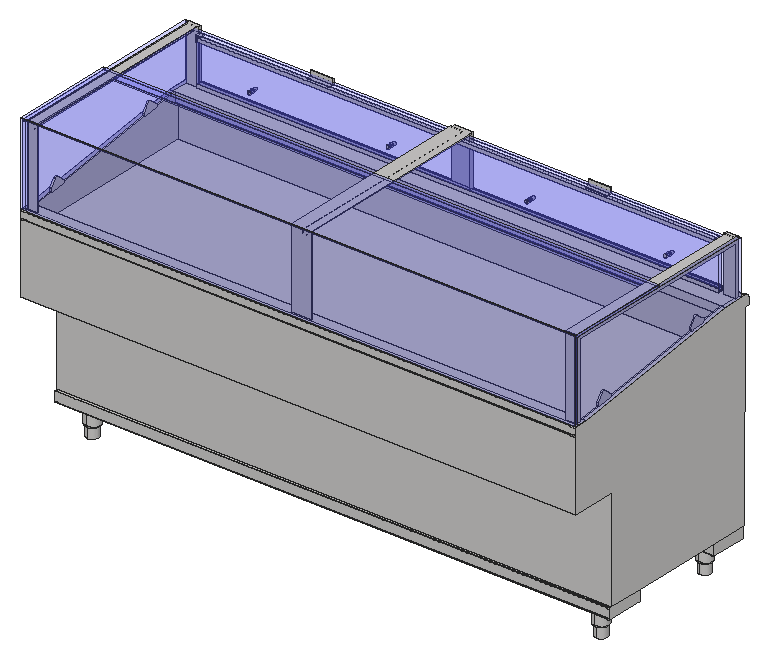
Revit family "Food-Service-Equipment_Oscartek_Rdpc2106_Standard_cat", category Specialty Equipment, Revit 2026
Family settings
  Round Connector Dimension = Use Diameter
  Part Type = Normal
  Classification Number = 23.40.40.11.17
  Work Plane-Based = No
  Enable Cutting in Views = No
  Always vertical = Yes
  Cut with Voids When Loaded = No
  Maintain Annotation Orientation = No
  Shared = No
  Room Calculation Point = No
Parameters
  Width = 83"  # constant formula
  Weight in Pounds = 379
  Watts = 885 W
  Waste Water Discharge Temperature [instance] = -459.67 °F
  Volts = 230 V
  URL Cutsheet = "www.oscartek.com"
  URL = "www.oscartek.com"
  Type Mark [instance] = ""
  Type Comments = "As Specified"
  Test Data = "http://www.oscartek.com/company/clients.php"
  Status [instance] = ""
  Specification by User [instance] = ""
  Specification by Manufacturer = ""
  Specification = "https://www.arcat.com/arcatcos/cos48/arc48760.html"
  Show Clearance [instance] = yes
  Serial Number = ""
  Seismic Rating = ""
  Sales Information = "http://www.oscartek.com/company/contact.php"
  SMACNA No = ""
  Revision Code [instance] = ""
  Revision = "R1_2018-10"
  Refrigerant Type [instance] = "R404A"
  Product Data = "http://www.oscartek.com/support/manuals/"
  Plumbing Remarks [instance] = ""
  Plumbing Connection Type [instance] = ""
  Phase = 1
  Omniclass Number and Title = ""
  Number of Poles [instance] = 1
  NAFEM Spec ID Number = ""
  Model = "RDPC2106"
  Min Ckt Ampacity = 0 A
  Max Overcurrent Protection = 0 A
  Masterspec = ""
  Manufacturer Website = "http://www.oscartek.com/index.php"
  Manufacturer Phone - Toll Free = "855-885-2400"
  Manufacturer Phone = "650-342-2400"
  Manufacturer Fax = "650-342-7400"
  Manufacturer Address = "361 Beach Rd., Burlingame, CA 94010"
  Manufacturer = "OSCARTEK"
  Item Number [instance] = ""
  Installed By [instance] = ""
  Installation-Fabrication = "http://www.oscartek.com/support/manuals/"
  Indirect Waste Size [instance] = 1"
  Indirect Waste Flow [instance] = 0 GPM
  Indirect Waste Connection Type [instance] = ""
  Indirect Waste Connection Height = 0"
  Identify Quantity as Lot [instance] = yes
  HP = ""
  Green Building-LEED = "https://www.arcat.com/green/green_building.shtml"
  Furnished By [instance] = ""
  Foodservice Equipment Identifier [instance] = yes
  FL Amps = 4.5 A
  Electrical Remarks [instance] = ""
  Electric Connection Type [instance] = ""
  Elec Conn RI Height [instance] = 0"
  Elec Conn Connection Height [instance] = 0"
  Drawn By = "Sumex Design, Inc. / Robert S. Weygant, CSI, CDT, SCIP"
  Description = "ROSA DELI/PASTRY/CHOCOLATE SHOWCASE"
  Depth [instance] = 32 1/4"  # constant formula
  Default Elevation = 0"
  Cycle = 50 Hz
  Copyright = "©Arcat Inc."
  Construction Details = "http://www.oscartek.com/support/manuals/"
  Conn Plug = ""
  Conn Conduit = yes
  Category = ""
  CSI MasterFormat = "11 41 13"
  CSI Master Format = "Refrigerated Food Storage Cases"
  Building Codes = "https://www.arcat.com/arcatcos/cos48/arc48760.html"
  Body Finish [instance] = QF_Finishes_Stainless Steel
  Apparent Power = if(Phase = 3, Volts * FL Amps * 1.73, Volts * FL Amps)  # 1035 VA
Reference planes (in)
  plane 1 "BACK": y = 7.29134
  plane 2: z = 0
  plane 3 "LEFT": x = 0
  plane 4 "RIGHT": x = 83
  plane 5 "FRONT": y = -24.95866
  plane 6 "TOP": z = 45.25
  plane 7 "Center Y": x = 41.5
  plane 8 "Center X": y = -8.83366
  plane 9 "Base Height": z = 6
  plane 10 "Right Off": x = 79.5
  plane 11: x = 0.5
  plane 12: x = 82.5
  plane 13 "Left Center": x = 20.75
  plane 14 "Right Center": x = 62.25
Forms (in)
  Revolve 1, solid, material "QF_Finishes_Stainless Steel"
    sketch origin (3.5, 0, 0) x (0, 1, 0) y (0, 0, 1)
      loop
        line (-15.81885, 0) -> (-14.95271, 0) -> (-14.95271, 1.57481) -> (-14.86603, 1.57481)
        arc (-14.86603, 1.57481) -> (-14.76029, 1.61861) -> (-14.71649, 1.72436) r 0.14954
        line (-14.71649, 1.72436) -> (-14.71649, 4.46851) -> (-15.81885, 4.46851) -> (-15.81885, 0)
      axis (-15.81885, 0) -> (-15.81885, 4.46851)
    angle from 0 to 360
  Revolve 2, solid, material "QF_Finishes_Stainless Steel"
    sketch origin (3.5, 19.37004, 0) x (0, 1, 0) y (0, 0, 1)
      loop
        line (-15.81885, 0) -> (-14.95271, 0) -> (-14.95271, 1.57481) -> (-14.86603, 1.57481)
        arc (-14.86603, 1.57481) -> (-14.76029, 1.61861) -> (-14.71649, 1.72436) r 0.14954
        line (-14.71649, 1.72436) -> (-14.71649, 4.46851) -> (-15.81885, 4.46851) -> (-15.81885, 0)
      axis (-15.81885, 0) -> (-15.81885, 4.46851)
    angle from 0 to 360
  Extrusion 3, solid, material "QF_Finishes_Stainless Steel" <- "Body Finish"
    sketch origin (0, 0, 0) x (0, 1, 0) y (0, 0, 1)
      loop
        line (-18.51225, 4.46851) -> (-13.12545, 4.46851)
        arc (-13.12545, 4.46851) -> (-13.08126, 4.48681) -> (-13.06295, 4.53101) r 0.0625
        line (-13.06295, 4.53101) -> (-13.06295, 5.9375)
        arc (-13.06295, 5.9375) -> (-13.08126, 5.98169) -> (-13.12545, 6) r 0.0625
        line (-13.12545, 6) -> (-18.51225, 6)
        arc (-18.51225, 6) -> (-18.55644, 5.98169) -> (-18.57475, 5.9375) r 0.0625
        line (-18.57475, 5.9375) -> (-18.57475, 4.53101)
        arc (-18.57475, 4.53101) -> (-18.55644, 4.48681) -> (-18.51225, 4.46851) r 0.0625
      loop
        line (0.85779, 4.46851) -> (6.24459, 4.46851)
        arc (6.24459, 4.46851) -> (6.28878, 4.48681) -> (6.30709, 4.53101) r 0.0625
        line (6.30709, 4.53101) -> (6.30709, 5.9375)
        arc (6.30709, 5.9375) -> (6.28878, 5.98169) -> (6.24459, 6) r 0.0625
        line (6.24459, 6) -> (0.85779, 6)
        arc (0.85779, 6) -> (0.8136, 5.98169) -> (0.79529, 5.9375) r 0.0625
        line (0.79529, 5.9375) -> (0.79529, 4.53101)
        arc (0.79529, 4.53101) -> (0.8136, 4.48681) -> (0.85779, 4.46851) r 0.0625
    from 0 to 83
  Revolve 4, solid, material "QF_Finishes_Stainless Steel"
    sketch origin (79.5, 0, 0) x (0, 0, -1) y (0, -1, 0)
      loop
        line (0, 15.81885) -> (-4.46851, 15.81885) -> (-4.46851, 14.71649) -> (-1.72436, 14.71649)
        arc (-1.72436, 14.71649) -> (-1.61861, 14.76029) -> (-1.57481, 14.86603) r 0.14954
        line (-1.57481, 14.86603) -> (-1.57481, 14.95271) -> (0, 14.95271) -> (0, 15.81885)
      axis (0, 15.81885) -> (-4.46851, 15.81885)
    angle from 0 to 360
  Revolve 5, solid, material "QF_Finishes_Stainless Steel"
    sketch origin (79.5, 0, 0) x (0, 0, -1) y (0, -1, 0)
      loop
        line (0, -3.55119) -> (-4.46851, -3.55119) -> (-4.46851, -4.65355) -> (-1.72436, -4.65355)
        arc (-1.72436, -4.65355) -> (-1.61861, -4.60975) -> (-1.57481, -4.50401) r 0.14954
        line (-1.57481, -4.50401) -> (-1.57481, -4.41733) -> (0, -4.41733) -> (0, -3.55119)
      axis (0, -3.55119) -> (-4.46851, -3.55119)
    angle from 0 to 360
  Extrusion 6, solid, material "QF_Finishes_Stainless Steel" <- "Body Finish"
    sketch origin (0, 0, 0) x (0, 1, 0) y (0, 0, 1)
      loop
        line (6.90709, 36.74797) -> (3.04134, 36.74797) -> (3.04134, 35.49797) -> (3.54134, 35.49797) -> (3.54134, 30.25) -> (-23.20866, 30.25) -> (-23.20866, 31.75) -> (-22.95866, 31.75) -> (-22.95866, 33) -> (-24.90866, 33)
        arc (-24.90866, 33) -> (-24.94401, 32.98536) -> (-24.95866, 32.95) r 0.05
        line (-24.95866, 32.95) -> (-24.95866, 31.80078)
        arc (-24.95866, 31.80078) -> (-24.94379, 31.76487) -> (-24.90788, 31.75) r 0.05078
        line (-24.90788, 31.75) -> (-24.84055, 31.75) -> (-24.84055, 21.25) -> (-18.18105, 21.25) -> (-18.18105, 6) -> (6.50394, 6) -> (6.50394, 21.25) -> (6.58268, 21.25) -> (6.58268, 35.24797) -> (7.24056, 35.24797)
        arc (7.24056, 35.24797) -> (7.27647, 35.26284) -> (7.29134, 35.29875) r 0.05078
        line (7.29134, 35.29875) -> (7.29134, 36.32422)
        arc (7.29134, 36.32422) -> (7.18097, 36.61023) -> (6.90709, 36.74797) r 0.42578
    from 0.5 to 82.5
  Extrusion 7, solid, material "Glass"
    sketch origin (0, 0, 0) x (0, 1, 0) y (0, 0, 1)
      loop
        line (5.84459, 44.8563) -> (-24.36893, 44.8563)
        arc (-24.36893, 44.8563) -> (-24.48028, 44.81018) -> (-24.52641, 44.69882) r 0.15748
        line (-24.52641, 44.69882) -> (-24.52641, 33) -> (-22.95866, 33) -> (3.04134, 36.74797) -> (6.00207, 36.74797) -> (6.00207, 44.69882)
        arc (6.00207, 44.69882) -> (5.95595, 44.81018) -> (5.84459, 44.8563) r 0.15748
    from 0 to 0.5
  Extrusion 8, solid, material "Glass"
    sketch origin (83, 0, 0) x (0, 1, 0) y (0, 0, 1)
      loop
        line (5.84459, 44.8563) -> (-24.36893, 44.8563)
        arc (-24.36893, 44.8563) -> (-24.48028, 44.81018) -> (-24.52641, 44.69882) r 0.15748
        line (-24.52641, 44.69882) -> (-24.52641, 33) -> (-22.95866, 33) -> (3.04134, 36.74797) -> (6.00207, 36.74797) -> (6.00207, 44.69882)
        arc (6.00207, 44.69882) -> (5.95595, 44.81018) -> (5.84459, 44.8563) r 0.15748
    from -0.5 to 0
  Extrusion 9, solid, material "Glass"
    sketch origin (0, 0, 0) x (0, 1, 0) y (0, 0, 1)
      loop
        line (-9.33366, 45.25) -> (-24.92011, 45.25) -> (-24.92011, 32.99797) -> (-24.52641, 32.99797) -> (-24.52641, 44.8563) -> (-9.33366, 44.8563) -> (-9.33366, 45.25)
    from 0 to 83
  Extrusion 10, solid, material "Glass"
    sketch origin (39.25, 0, 0.0625) x (0, 1, 0) y (0, 0, -1)
      loop
        line (5.50207, -44.53142) -> (5.50207, -44.19263) -> (-9.95866, -44.19263) -> (-9.95866, -44.53142) -> (5.50207, -44.53142)
    from -43.08473 to 38.58473
  Extrusion 11, solid, material "QF_Finishes_Stainless Steel" <- "Body Finish"
    sketch origin (83, 0, 0) x (0, 1, 0) y (0, 0, 1)
      loop
        line (6.90709, 36.74797) -> (3.04134, 36.74797) -> (-22.95866, 33) -> (-24.90866, 33)
        arc (-24.90866, 33) -> (-24.94401, 32.98536) -> (-24.95866, 32.95) r 0.05
        line (-24.95866, 32.95) -> (-24.95866, 31.80078)
        arc (-24.95866, 31.80078) -> (-24.94379, 31.76487) -> (-24.90788, 31.75) r 0.05078
        line (-24.90788, 31.75) -> (-24.84055, 31.75) -> (-24.84055, 21.25) -> (-18.18105, 21.25) -> (-18.18105, 6) -> (6.50394, 6) -> (6.50394, 21.25) -> (6.58268, 21.25) -> (6.58268, 35.24797) -> (7.24056, 35.24797)
        arc (7.24056, 35.24797) -> (7.27647, 35.26284) -> (7.29134, 35.29875) r 0.05078
        line (7.29134, 35.29875) -> (7.29134, 36.32422)
        arc (7.29134, 36.32422) -> (7.18097, 36.61023) -> (6.90709, 36.74797) r 0.42578
    from 0 to -0.75
  Extrusion 12, solid, material "QF_Finishes_Stainless Steel"
    sketch origin (0, 0, 0) x (1, 0, 0) y (0, 1, 0)
      loop
        line (0.5, 6.00207) -> (0.5, 5.50207) -> (2.25, 5.50207) -> (2.25, 6.00207) -> (0.5, 6.00207)
      loop
        line (82.5, 6.00207) -> (80.75, 6.00207) -> (80.75, 5.50207) -> (82.5, 5.50207) -> (82.5, 6.00207)
      loop
        line (40.125, 6.00207) -> (40.125, 5.50207) -> (42.875, 5.50207) -> (42.875, 6.00207) -> (40.125, 6.00207)
    from 36.74797 to 44.8563
  Extrusion 13, solid, material "Glass"
    sketch origin (0, -0.10938, 0) x (1, 0, 0) y (0, 1, 0)
      loop
        line (2.5, 5.50207) -> (2.5, 5.00207) -> (80.5, 5.00207) -> (80.5, 5.50207) -> (2.5, 5.50207)
    from 37.21272 to 43.81693
  Extrusion 14, solid, material "QF_Finishes_Stainless Steel"
    sketch origin (0, 0, 0) x (0, 1, 0) y (0, 0, 1)
      loop
        line (4.8927, 43.81693) -> (5.3927, 43.81693) -> (5.3927, 43.31693) -> (5.4552, 43.31693) -> (5.4552, 43.87943) -> (4.8302, 43.87943) -> (4.8302, 43.31693) -> (4.8927, 43.31693) -> (4.8927, 43.81693)
      loop
        line (4.8927, 37.16315) -> (4.8927, 37.66315) -> (4.8302, 37.66315) -> (4.8302, 37.10065) -> (5.4552, 37.10065) -> (5.4552, 37.66315) -> (5.3927, 37.66315) -> (5.3927, 37.16315) -> (4.8927, 37.16315)
    from 2.5 to 80.5
  Extrusion 15, solid, material "QF_Finishes_Stainless Steel"
    sketch origin (0, -24.95866, 0) x (1, 0, 0) y (0, 0, 1)
      loop
        line (81.4375, 44.1063) -> (82.5, 44.1063) -> (82.5, 44.8563) -> (81, 44.8563) -> (81, 44.7938) -> (82.4375, 44.7938) -> (82.4375, 44.1688) -> (81.4375, 44.1688) -> (81.4375, 44.1063)
      loop
        line (1.5625, 44.1063) -> (1.5625, 44.1688) -> (0.5625, 44.1688) -> (0.5625, 44.7938) -> (2, 44.7938) -> (2, 44.8563) -> (0.5, 44.8563) -> (0.5, 44.1063) -> (1.5625, 44.1063)
      loop
        line (40.75, 44.1063) -> (42.25, 44.1063) -> (42.25, 44.1688) -> (41.57031, 44.1688) -> (41.57031, 44.7313) -> (41.75, 44.7313) -> (41.75, 44.7938) -> (43.00781, 44.7938) -> (43.00781, 44.8563) -> (39.99219, 44.8563) -> (39.99219, 44.7938) -> (41.25, 44.7938) -> (41.25, 44.7313) -> (41.42969, 44.7313) -> (41.42969, 44.1688) -> (40.75, 44.1688) -> (40.75, 44.1063)
    from -30.46073 to -0.78937
  Extrusion 16, solid, material "QF_Finishes_Stainless Steel"
    sketch origin (0, -24.95866, 0) x (1, 0, 0) y (0, 0, 1)
      loop
        line (79.92786, 44.13772) -> (79.92786, 44.07522) -> (80.51042, 44.07522) -> (80.51042, 43.2537) -> (80.57292, 43.2537) -> (80.57292, 44.13772) -> (79.92786, 44.13772)
      loop
        line (3.07214, 44.13772) -> (2.42708, 44.13772) -> (2.42708, 43.2537) -> (2.48958, 43.2537) -> (2.48958, 44.07522) -> (3.07214, 44.07522) -> (3.07214, 44.13772)
    from -30.41386 to -29.78886
  Extrusion 17, solid, material "QF_Finishes_Door Clearance", visible <- "Show Clearance", detail levels coarse
    sketch origin (0, 0, 0) x (0, 1, 0) y (0, 0, 1)
      loop
        line (4.8927, 43.81693) -> (-1.82359, 43.81693)
        arc (-1.82359, 43.81693) -> (0.14357, 39.0678) -> (4.8927, 37.10065) r 6.71628
        line (4.8927, 37.10065) -> (4.8927, 43.81693)
    from 2.5 to 80.5
  Extrusion 18, solid, material "QF_Finishes_Stainless Steel"
    sketch origin (0, 0, 0) x (1, 0, 0) y (0, 1, 0)
      loop
        line (0.5, -24.20866) -> (2, -24.20866) -> (2, -24.16929) -> (0.5625, -24.16929) -> (0.5625, -23.62362) -> (0.5, -23.62362) -> (0.5, -24.20866)
      loop
        line (82.5, -24.20866) -> (82.5, -23.62362) -> (82.4375, -23.62362) -> (82.4375, -24.16929) -> (81, -24.16929) -> (81, -24.20866) -> (82.5, -24.20866)
      loop
        line (39.99219, -24.20866) -> (43.00781, -24.20866) -> (43.00781, -24.16929) -> (39.99219, -24.16929) -> (39.99219, -24.20866)
    from 33 to 44.8563
  Extrusion 19, solid, material "QF_Finishes_Stainless Steel"
    sketch origin (20.75, 0, 0) x (0, 1, 0) y (0, 0, 1)
      loop
        line (4.83, 44.23056) -> (4.83, 44.19038) -> (5.55097, 44.19038) -> (5.55097, 45.05251) -> (5.48847, 45.05251) -> (5.48847, 44.23056) -> (4.83, 44.23056)
    from -1.625 to 1.625
  Revolve 20, solid, material "QF_Finishes_Stainless Steel"
    sketch origin (31.125, 0, 0.75) x (0, 1, 0) y (0, 0, 1)
      loop
        line (4.82255, 38.49797) -> (4.82255, 38.24797) -> (4.8927, 38.24797) -> (4.8927, 38.49797) -> (4.82255, 38.49797)
      loop
        line (5.3927, 38.49797) -> (5.3927, 38.24797) -> (5.46285, 38.24797) -> (5.46285, 38.34575) -> (5.74111, 38.44703)
        arc (5.74111, 38.44703) -> (5.95993, 38.29989) -> (6.13398, 38.49797) r 0.19974
        line (6.13398, 38.49797) -> (5.3927, 38.49797)
      axis (4.82255, 38.49797) -> (6.13398, 38.49797)
    angle from 0 to 360
  Revolve 21, solid, material "QF_Finishes_Stainless Steel"
    sketch origin (51.875, 0, 0.75) x (0, 1, 0) y (0, 0, -1)
      loop
        line (4.82255, -38.49797) -> (4.8927, -38.49797) -> (4.8927, -38.24797) -> (4.82255, -38.24797) -> (4.82255, -38.49797)
      loop
        line (5.3927, -38.49797) -> (6.13398, -38.49797)
        arc (6.13398, -38.49797) -> (5.95993, -38.29989) -> (5.74111, -38.44703) r 0.19974
        line (5.74111, -38.44703) -> (5.46285, -38.34575) -> (5.46285, -38.24797) -> (5.3927, -38.24797) -> (5.3927, -38.49797)
      axis (4.82255, -38.49797) -> (6.13398, -38.49797)
    angle from 0 to 360
  Extrusion 22, solid, material "QF_Finishes_Stainless Steel"
    sketch origin (0, 0, 0) x (0, 1, 0) y (0, 0, 1)
      loop
        line (-19.73734, 33.46436) -> (-18.02583, 33.71108)
        arc (-18.02583, 33.71108) -> (-17.79557, 33.87166) -> (-17.7871, 34.15225) r 0.3125
        line (-17.7871, 34.15225) -> (-18.75756, 34.98985)
        arc (-18.75756, 34.98985) -> (-19.04365, 35.07894) -> (-19.30393, 34.93046) r 0.37574
        line (-19.30393, 34.93046) -> (-20.05317, 33.92884)
        arc (-20.05317, 33.92884) -> (-20.04034, 33.59795) -> (-19.73734, 33.46436) r 0.31249
      loop
        arc (-0.67039, 36.21291) -> (-0.41746, 36.42664) -> (-0.49861, 36.74768) r 0.31249
        line (-0.49861, 36.74768) -> (-1.50023, 37.49691)
        arc (-1.50023, 37.49691) -> (-1.79185, 37.56583) -> (-2.04114, 37.39956) r 0.37574
        line (-2.04114, 37.39956) -> (-2.73552, 36.32198)
        arc (-2.73552, 36.32198) -> (-2.64814, 36.0552) -> (-2.38191, 35.96619) r 0.3125
        line (-2.38191, 35.96619) -> (-0.67039, 36.21291)
    from 0.5 to 0.76122
  Extrusion 23, solid, material "QF_Finishes_Stainless Steel"
    sketch origin (83, 0, 0) x (0, 1, 0) y (0, 0, 1)
      loop
        line (-19.73734, 33.46436) -> (-18.02583, 33.71108)
        arc (-18.02583, 33.71108) -> (-17.79557, 33.87166) -> (-17.7871, 34.15225) r 0.3125
        line (-17.7871, 34.15225) -> (-18.75756, 34.98985)
        arc (-18.75756, 34.98985) -> (-19.04365, 35.07894) -> (-19.30393, 34.93046) r 0.37574
        line (-19.30393, 34.93046) -> (-20.05317, 33.92884)
        arc (-20.05317, 33.92884) -> (-20.04034, 33.59795) -> (-19.73734, 33.46436) r 0.31249
      loop
        arc (-0.67039, 36.21291) -> (-0.41746, 36.42664) -> (-0.49861, 36.74768) r 0.31249
        line (-0.49861, 36.74768) -> (-1.50023, 37.49691)
        arc (-1.50023, 37.49691) -> (-1.79185, 37.56583) -> (-2.04114, 37.39956) r 0.37574
        line (-2.04114, 37.39956) -> (-2.73552, 36.32198)
        arc (-2.73552, 36.32198) -> (-2.64814, 36.0552) -> (-2.38191, 35.96619) r 0.3125
        line (-2.38191, 35.96619) -> (-0.67039, 36.21291)
    from -0.5 to -0.75
  Extrusion 24, solid, material "QF_Finishes_Stainless Steel" <- "Body Finish"
    sketch origin (0, 0, 0) x (0, 1, 0) y (0, 0, -1)
      loop
        arc (6.90709, -36.74797) -> (7.18097, -36.61023) -> (7.29134, -36.32422) r 0.42578
        line (7.29134, -36.32422) -> (7.29134, -35.29875)
        arc (7.29134, -35.29875) -> (7.27647, -35.26284) -> (7.24056, -35.24797) r 0.05078
        line (7.24056, -35.24797) -> (6.58268, -35.24797) -> (6.58268, -21.25) -> (6.50394, -21.25) -> (6.50394, -6) -> (-18.18105, -6) -> (-18.18105, -21.25) -> (-24.84055, -21.25) -> (-24.84055, -31.75) -> (-24.90788, -31.75)
        arc (-24.90788, -31.75) -> (-24.94379, -31.76487) -> (-24.95866, -31.80078) r 0.05078
        line (-24.95866, -31.80078) -> (-24.95866, -32.95)
        arc (-24.95866, -32.95) -> (-24.94401, -32.98536) -> (-24.90866, -33) r 0.05
        line (-24.90866, -33) -> (-22.95866, -33) -> (3.04134, -36.74797) -> (6.90709, -36.74797)
    from 0 to -0.76122
  Extrusion 25, solid, material "QF_Finishes_Stainless Steel"
    sketch origin (16.25, 0, 0) x (1, 0, 0) y (0, 1, 0)
      loop
        circle (36.65027, -8.83366) r 0.25
    from 5.39549 to 6
  Extrusion 26, solid, material "QF_Finishes_Stainless Steel"
    sketch origin (1.18012, 6.22884, 1.7805) x (0, 0, 1) y (1, 0, 0)
      loop
        line (18.79407, 75.85524) -> (17.29407, 75.85524) -> (17.29407, 69.35524) -> (18.79407, 69.35524) -> (18.79407, 75.85524)
    from 0.2751 to 1
  Extrusion 27, solid, material "QF_Finishes_Black"
    sketch origin (1.18012, 6.50394, 6.1555) x (0, 0, 1) y (1, 0, 0)
      loop
        line (11.19901, 78.31988) -> (0.44901, 78.31988) -> (0.44901, 76.31988) -> (11.19901, 76.31988) -> (11.19901, 78.31988)
      loop
        line (11.19901, 75.81988) -> (0.44901, 75.81988) -> (0.44901, 73.81988) -> (11.19901, 73.81988) -> (11.19901, 75.81988)
      loop
        line (11.19901, 73.31988) -> (0.44901, 73.31988) -> (0.44901, 71.31988) -> (11.19901, 71.31988) -> (11.19901, 73.31988)
      loop
        line (0.44901, 70.81988) -> (0.44901, 68.81988) -> (9.19901, 68.81988) -> (11.19901, 70.81988) -> (0.44901, 70.81988)
      loop
        line (0.44901, 68.31988) -> (0.44901, 66.31988) -> (6.69901, 66.31988) -> (8.69901, 68.31988) -> (0.44901, 68.31988)
    from 0 to 0.0625
  Extrusion 28, void
    sketch origin (1.5, 0, 0) x (0, -1, 0) y (0, 0, -1)
      loop
        line (-6.54134, -34.74797) -> (-6.54134, -21.25) -> (-15.58268, -21.25) -> (-15.58268, -34.74797) -> (-6.54134, -34.74797)
    from -0.73878 to 80.75
  Extrusion 29, solid, material "QF_Finishes_Stainless Steel", not visible
    sketch origin (1.5, 0, 0) x (0, -1, 0) y (0, 0, -1)
      loop
        line (2.45866, -35.24797) -> (2.45866, -21.25) -> (-6.58268, -21.25) -> (-6.58268, -22) -> (1.70866, -22) -> (1.70866, -27.5) -> (-6.58268, -28.5) -> (-6.58268, -29.25544) -> (1.70866, -28.25544) -> (1.70866, -34.74797) -> (-6.58268, -34.74797) -> (-6.58268, -35.24797) -> (2.45866, -35.24797)
    from -0.73878 to 80.75
  Extrusion 30, solid, material "QF_Finishes_Stainless Steel"
    sketch origin (62.25, 0, 0) x (0, 1, 0) y (0, 0, -1)
      loop
        line (4.83, -44.23056) -> (5.48847, -44.23056) -> (5.48847, -45.05251) -> (5.55097, -45.05251) -> (5.55097, -44.19038) -> (4.83, -44.19038) -> (4.83, -44.23056)
    from -1.625 to 1.625
  Revolve 31, solid, material "QF_Finishes_Stainless Steel"
    sketch origin (10.375, 0, 0.75) x (0, 1, 0) y (0, 0, -1)
      loop
        line (4.82255, -38.49797) -> (4.8927, -38.49797) -> (4.8927, -38.24797) -> (4.82255, -38.24797) -> (4.82255, -38.49797)
      loop
        line (5.3927, -38.49797) -> (6.13398, -38.49797)
        arc (6.13398, -38.49797) -> (5.95993, -38.29989) -> (5.74111, -38.44703) r 0.19974
        line (5.74111, -38.44703) -> (5.46285, -38.34575) -> (5.46285, -38.24797) -> (5.3927, -38.24797) -> (5.3927, -38.49797)
      axis (4.82255, -38.49797) -> (6.13398, -38.49797)
    angle from 0 to 360
  Revolve 32, solid, material "QF_Finishes_Stainless Steel"
    sketch origin (72.625, 0, 0.75) x (0, 1, 0) y (0, 0, 1)
      loop
        line (4.82255, 38.49797) -> (4.82255, 38.24797) -> (4.8927, 38.24797) -> (4.8927, 38.49797) -> (4.82255, 38.49797)
      loop
        line (5.3927, 38.49797) -> (5.3927, 38.24797) -> (5.46285, 38.24797) -> (5.46285, 38.34575) -> (5.74111, 38.44703)
        arc (5.74111, 38.44703) -> (5.95993, 38.29989) -> (6.13398, 38.49797) r 0.19974
        line (6.13398, 38.49797) -> (5.3927, 38.49797)
      axis (4.82255, 38.49797) -> (6.13398, 38.49797)
    angle from 0 to 360
  Extrusion 33, solid, material "QF_Finishes_Stainless Steel"
    sketch origin (0, 0, 0) x (1, 0, 0) y (0, 1, 0)
      loop
        circle (75.75, -2.70866) r 0.5
      loop
        circle (3.25, -2.70866) r 0.5
    from 21.25 to 22
  Extrusion 34, solid, material "QF_Finishes_Door Clearance", visible <- "Show Clearance", detail levels coarse
    sketch origin (0, 0, 0) x (0, 1, 0) y (0, 0, 1)
      loop
        line (-24.92011, 45.25) -> (-9.33366, 45.25) -> (-9.33366, 60.83645)
        arc (-9.33366, 60.83645) -> (-20.35494, 56.27128) -> (-24.92011, 45.25) r 15.58645
    from 0 to 83
Cuts and joins
  joined: Extrusion 12, Extrusion 15, Extrusion 18
  Extrusion 28 cuts Extrusion 6
  joined: Extrusion 6, Extrusion 11, Extrusion 24
Lines and regions (in)
  Split face 1
    outline origin (1.18012, 7.22884, 1.7805) x (0, 0, 1) y (1, 0, 0)
      loop
        line (18.5658, 75.55584) -> (17.5658, 75.55584) -> (17.5658, 69.80584) -> (18.5658, 69.80584) -> (18.5658, 75.55584)
  symbolic lines
    curve 1: line (0, -24.95866, 0) -> (0, 7.29134, 0)
    curve 2: line (83, -24.95866, 0) -> (0, -24.95866, 0)
    curve 3: line (0.5, -24.52641, 0) -> (0.5, 6.55709, 0)
    curve 4: line (82.5, 6.00207, 0) -> (80.75, 6.00207, 0)
    curve 5: line (83, 5.50207, 0) -> (0, 5.50207, 0)
    curve 6: line (1.64264, -22.95866, 0) -> (1.64264, 5.50207, 0)
    curve 7: line (2.25, 5.50207, 0) -> (2.25, 6.00207, 0)
    curve 8: line (0.66527, 5.50207, 0) -> (0.66527, -9.95866, 0)
    curve 9: line (83, -9.20866, 0) -> (0, -9.20866, 0)
    curve 10: line (0.5, -24.20866, 0) -> (1.5625, -24.20866, 0)
    curve 11: line (1.5625, -24.20866, 0) -> (1.5625, 6.00207, 0)
    curve 12: line (83, 6.55709, 0) -> (82.5, 6.55709, 0)
    curve 13: line (0, -24.92011, 0) -> (83, -24.90788, 0)
    curve 14: line (83, -24.52641, 0) -> (0, -24.52641, 0)
    curve 15: line (83, -24.95866, 0) -> (83, 7.29134, 0)
    curve 16: line (82.5, -24.52641, 0) -> (82.5, 6.55709, 0)
    curve 17: line (81.35736, -22.95866, 0) -> (81.35736, 5.50207, 0)
    curve 18: line (80.75, 5.50207, 0) -> (80.75, 6.00207, 0)
    curve 19: line (82.33473, 5.50207, 0) -> (82.33473, -9.95866, 0)
    curve 20: line (82.5, -24.20866, 0) -> (81.4375, -24.20866, 0)
    curve 21: line (81.4375, -24.20866, 0) -> (81.4375, 6.00207, 0)
    curve 22: line (2.25, 6.00207, 0) -> (0.5, 6.00207, 0)
    curve 23: line (0.5, 6.55709, 0) -> (0, 6.55709, 0)
    curve 24: line (83, 7.29134, 0) -> (0, 7.29134, 0)
    curve 25: line (82.33473, -9.95866, 0) -> (0.66527, -9.95866, 0)
    curve 26: line (0, -22.95866, 0) -> (83, -22.95866, 0)
    curve 27: line (60.625, 5.55097, 0) -> (63.875, 5.55097, 0)
    curve 28: line (63.875, 5.55097, 0) -> (63.875, 4.89472, 0)
    curve 29: line (63.625, 4.64472, 0) -> (60.875, 4.64472, 0)
    curve 30: line (60.625, 4.89472, 0) -> (60.625, 5.55097, 0)
    curve 31: arc (60.875, 4.64472, 0) -> (60.69822, 4.71795, 0) -> (60.625, 4.89472, 0) r 0.25
    curve 32: arc (63.875, 4.89472, 0) -> (63.80178, 4.71795, 0) -> (63.625, 4.64472, 0) r 0.25
    curve 42: line (43.00781, -24.20866, 0) -> (43.00781, 5.50207, 0)
    curve 43: line (39.99219, 5.50207, 0) -> (39.99219, -24.20866, 0)
    curve 44: line (39.99219, -24.20866, 0) -> (43.00781, -24.20866, 0)
    curve 57: line (19.125, 5.55097, 0) -> (22.375, 5.55097, 0)
    curve 58: line (22.375, 5.55097, 0) -> (22.375, 4.89472, 0)
    curve 59: line (22.125, 4.64472, 0) -> (19.375, 4.64472, 0)
    curve 60: line (19.125, 4.89472, 0) -> (19.125, 5.55097, 0)
    curve 61: arc (19.375, 4.64472, 0) -> (19.19822, 4.71795, 0) -> (19.125, 4.89472, 0) r 0.25
    curve 62: arc (22.375, 4.89472, 0) -> (22.30178, 4.71795, 0) -> (22.125, 4.64472, 0) r 0.25
  symbolic lines, style "QF-Surface Details"
    curve 33: line (7.92189, -17.61771, 0) -> (11.10387, -14.43573, 0)
    curve 34: line (7.59142, -19.05839, 0) -> (12.54117, -14.10865, 0)
    curve 35: line (9.1841, -18.87993, 0) -> (12.54286, -15.52117, 0)
    curve 36: line (71.04475, -17.61771, 0) -> (74.22673, -14.43573, 0)
    curve 37: line (70.71428, -19.05839, 0) -> (75.66403, -14.10865, 0)
    curve 38: line (72.30696, -18.87993, 0) -> (75.66572, -15.52117, 0)
    curve 39: line (33.60559, -17.61771, 0) -> (36.78757, -14.43573, 0)
    curve 40: line (33.27513, -19.05839, 0) -> (38.22487, -14.10865, 0)
    curve 41: line (34.86781, -18.87993, 0) -> (38.22656, -15.52117, 0)
    curve 45: line (44.85559, -17.61771, 0) -> (48.03757, -14.43573, 0)
    curve 46: line (44.52513, -19.05839, 0) -> (49.47487, -14.10865, 0)
    curve 47: line (46.11781, -18.87993, 0) -> (49.47656, -15.52117, 0)
    curve 48: line (7.92189, -2.86771, 0) -> (11.10387, 0.31427, 0)
    curve 49: line (7.59142, -4.30839, 0) -> (12.54117, 0.64135, 0)
    curve 50: line (9.1841, -4.12993, 0) -> (12.54286, -0.77117, 0)
    curve 51: line (71.04475, -2.86771, 0) -> (74.22673, 0.31427, 0)
    curve 52: line (70.71428, -4.30839, 0) -> (75.66403, 0.64135, 0)
    curve 53: line (72.30696, -4.12993, 0) -> (75.66572, -0.77117, 0)
    curve 54: line (44.85559, -2.86771, 0) -> (48.03757, 0.31427, 0)
    curve 55: line (44.52513, -4.30839, 0) -> (49.47487, 0.64135, 0)
    curve 56: line (46.11781, -4.12993, 0) -> (49.47656, -0.77117, 0)
    curve 69: line (33.60559, -2.93573, 0) -> (36.78757, 0.24625, 0)
    curve 70: line (33.27513, -4.37641, 0) -> (38.22487, 0.57333, 0)
    curve 71: line (34.86781, -4.19795, 0) -> (38.22656, -0.83919, 0)
  symbolic lines, not visible
    curve 63: line (19.125, -3.44903, 0) -> (22.375, -3.44903, 0)
    curve 64: line (22.375, -3.44903, 0) -> (22.375, -4.10528, 0)
    curve 65: line (22.125, -4.35528, 0) -> (19.375, -4.35528, 0)
    curve 66: line (19.125, -4.10528, 0) -> (19.125, -3.44903, 0)
    curve 67: arc (19.375, -4.35528, 0) -> (19.19822, -4.28205, 0) -> (19.125, -4.10528, 0) r 0.25
    curve 68: arc (22.375, -4.10528, 0) -> (22.30178, -4.28205, 0) -> (22.125, -4.35528, 0) r 0.25
  symbolic lines, style "QF-Surface Details", not visible
    curve 72: line (7.92189, -2.86771, 0) -> (11.10387, 0.31427, 0)
    curve 73: line (7.59142, -4.30839, 0) -> (12.54117, 0.64135, 0)
    curve 74: line (9.1841, -4.12993, 0) -> (12.54286, -0.77117, 0)
    curve 75: line (71.04475, -2.86771, 0) -> (74.22673, 0.31427, 0)
    curve 76: line (70.71428, -4.30839, 0) -> (75.66403, 0.64135, 0)
    curve 77: line (72.30696, -4.12993, 0) -> (75.66572, -0.77117, 0)
    curve 78: line (44.85559, -2.86771, 0) -> (48.03757, 0.31427, 0)
    curve 79: line (44.52513, -4.30839, 0) -> (49.47487, 0.64135, 0)
    curve 80: line (46.11781, -4.12993, 0) -> (49.47656, -0.77117, 0)
    curve 81: line (33.60559, -2.93573, 0) -> (36.78757, 0.24625, 0)
    curve 82: line (33.27513, -4.37641, 0) -> (38.22487, 0.57333, 0)
    curve 83: line (34.86781, -4.19795, 0) -> (38.22656, -0.83919, 0)
Dimensions and locks (in)
  equal spacing: plane 3 "LEFT", plane 7 "Center Y", plane 4 "RIGHT"
  "Width": plane 3 "LEFT" to plane 4 "RIGHT"
  equal spacing: plane 5 "FRONT", plane 8 "Center X", plane 1 "BACK"
  "Depth": plane 5 "FRONT" to plane 1 "BACK"
  plane 6 "TOP" to level = 45 1/4"
  plane 9 "Base Height" to level = 6"
  locked: plane 10 "Right Off" to plane 4 "RIGHT" at 3.5
  locked: plane 12 to plane 4 "RIGHT" at 0.5
  locked: plane 3 "LEFT" to plane 11 at 0.5
  locked: plane 3 "LEFT" to Extrusion 13 sketch curve at 2.5
  locked: Extrusion 13 sketch curve to plane 4 "RIGHT" at 2.5
  locked: plane 4 "RIGHT" to Extrusion 10 at 0.66527
  Extrusion 27 sketch curve to Extrusion 27 sketch curve to Extrusion 27 sketch curve to Extrusion 27 sketch curve to Extrusion 27 sketch curve to Extrusion 27 sketch curve to Extrusion 27 sketch curve to Extrusion 27 sketch curve to Extrusion 27 sketch curve to Extrusion 27 sketch curve = 2" locked, 1/2" locked, 2" locked, 1/2" locked, 2" locked, 1/2" locked, 2" locked, 1/2" locked, 2" locked
  locked: Extrusion 26 sketch curve to Extrusion 26 sketch curve at 6.5
  plane 5 "FRONT" to Extrusion 10 sketch curve to Extrusion 10 sketch curve = 15" locked, 15.46073" locked
  plane 5 "FRONT" to Extrusion 17 sketch curve to Extrusion 17 sketch curve = 23.13507" locked, 6.71628" locked
  plane 5 "FRONT" to Extrusion 13 sketch curve to Extrusion 13 sketch curve = 29.85136" locked, 1/2" locked
  plane 5 "FRONT" to Extrusion 14 sketch curve to Extrusion 14 sketch curve to Extrusion 14 sketch curve to Extrusion 14 sketch curve = 29.78886" locked, 1/16" locked, 1/2" locked, 1/16" locked
  plane 5 "FRONT" to Extrusion 23 sketch curve to Extrusion 23 sketch curve to Extrusion 23 sketch curve to Extrusion 23 sketch curve to Extrusion 23 sketch curve to Extrusion 23 sketch curve = 5.17674" locked, 0.77887" locked, 0.93264" locked, 15.64392" locked, 0.7012" locked, 1.01031" locked
  plane 5 "FRONT" to Extrusion 11 sketch curve to Extrusion 11 sketch curve = 2" locked, 26" locked
  plane 5 "FRONT" to Extrusion 24 sketch curve to Extrusion 24 sketch curve = 2" locked, 26" locked
  plane 5 "FRONT" to Extrusion 22 sketch curve to Extrusion 22 sketch curve to Extrusion 22 sketch curve to Extrusion 22 sketch curve to Extrusion 22 sketch curve to Extrusion 22 sketch curve = 5.17674" locked, 0.77887" locked, 0.93264" locked, 15.64392" locked, 0.7012" locked, 1.01031" locked
  plane 5 "FRONT" to Extrusion 8 sketch curve to Extrusion 8 sketch curve to Extrusion 8 sketch curve to Extrusion 8 sketch curve = 0.43225" locked, 1.56775" locked, 26" locked, 2.96073" locked
  plane 5 "FRONT" to Extrusion 7 sketch curve to Extrusion 7 sketch curve to Extrusion 7 sketch curve to Extrusion 7 sketch curve = 0.43225" locked, 1.56775" locked, 26" locked, 2.96073" locked
  plane 5 "FRONT" to Extrusion 6 sketch curve to Extrusion 6 sketch curve = 28" locked, 1/2" locked
  plane 5 "FRONT" to Extrusion 19 sketch curve to Extrusion 19 sketch curve to Extrusion 19 sketch curve = 29.78866" locked, 0.65847" locked, 1/16" locked
  plane 5 "FRONT" to Revolve 21 sketch curve to Revolve 21 sketch curve to Revolve 21 sketch curve to Revolve 21 sketch curve to Revolve 21 sketch curve to Revolve 21 sketch curve = 29.78121" locked, 0.07015" locked, 1/2" locked, 0.07015" locked, 0.27826" locked, 0.19313" locked
  plane 5 "FRONT" to Extrusion 12 sketch curve to Extrusion 12 sketch curve = 30.46073" locked, 1/2" locked
  plane 5 "FRONT" to Revolve 20 sketch curve to Revolve 20 sketch curve to Revolve 20 sketch curve to Revolve 20 sketch curve to Revolve 20 sketch curve to Revolve 20 sketch curve = 29.78121" locked, 0.07015" locked, 1/2" locked, 0.07015" locked, 0.27826" locked, 0.19313" locked
  locked: Extrusion 11 sketch curve to plane 1 "BACK" at 25.47239
  locked: Extrusion 6 sketch curve to plane 1 "BACK" at 25.47239
  locked: Extrusion 24 sketch curve to plane 1 "BACK" at 25.47239
  Extrusion 3 sketch curve to Extrusion 3 sketch curve to Extrusion 3 sketch curve to Extrusion 3 sketch curve to plane 1 "BACK" = 5.5118" locked, 13.85824" locked, 5.5118" locked, 0.98425" locked
  Revolve 5 sketch curve to Revolve 5 sketch curve to plane 1 "BACK" = 1.10236" locked, 2.63779" locked
  Revolve 2 sketch curve to Revolve 2 sketch curve to plane 1 "BACK" = 1.10236" locked, 2.63779" locked
  Revolve 4 sketch curve to Revolve 4 sketch curve to plane 1 "BACK" = 1.10236" locked, 22 1/128" locked
  Revolve 1 sketch curve to Revolve 1 sketch curve to plane 1 "BACK" = 1.10236" locked, 22 1/128" locked
  plane 5 "FRONT" to Extrusion 28 sketch curve to Extrusion 28 sketch curve = 31 1/2" locked, 9.04134" locked
  Extrusion 29 sketch curve to Extrusion 29 sketch curve to Extrusion 29 sketch curve to plane 1 "BACK" = 3/4" locked, 8.29134" locked, 0.70866" locked
  locked: plane 5 "FRONT" to Extrusion 9 sketch curve at 15.625
  Extrusion 19 to Extrusion 10 to curve 29 = 0.0489" locked, 0.85735" locked
  curve 9 to curve 25 to curve 26 to curve 14 to plane 5 "FRONT" = 3/4" locked, 13" locked, 1.56775" locked, 0.43225" locked
  Extrusion 15 sketch curve to Extrusion 15 sketch curve to Extrusion 15 sketch curve to Extrusion 15 sketch curve to Extrusion 15 sketch curve to Extrusion 15 sketch curve to Extrusion 15 sketch curve to Extrusion 15 sketch curve = 97/128" locked, 1/2" locked, 23/128" locked, 9/64", 23/128" locked, 1/2" locked, 97/128" locked
  plane 5 "FRONT" to Extrusion 30 sketch curve to Extrusion 30 sketch curve to Extrusion 30 sketch curve = 29.78866" locked, 0.65847" locked, 1/16" locked
  plane 5 "FRONT" to Revolve 31 sketch curve to Revolve 31 sketch curve to Revolve 31 sketch curve to Revolve 31 sketch curve to Revolve 31 sketch curve to Revolve 31 sketch curve = 29.78121" locked, 0.07015" locked, 1/2" locked, 0.07015" locked, 0.27826" locked, 0.19313" locked
  plane 5 "FRONT" to Revolve 32 sketch curve to Revolve 32 sketch curve to Revolve 32 sketch curve to Revolve 32 sketch curve to Revolve 32 sketch curve to Revolve 32 sketch curve = 29.78121" locked, 0.07015" locked, 1/2" locked, 0.07015" locked, 0.27826" locked, 0.19313" locked
  equal spacing: plane 4 "RIGHT", Revolve 32, plane 14 "Right Center", Revolve 21, plane 7 "Center Y"
  equal spacing: plane 7 "Center Y", Revolve 20, plane 13 "Left Center", Revolve 31, plane 3 "LEFT"
  equal spacing: plane 4 "RIGHT", plane 14 "Right Center", plane 7 "Center Y"
  equal spacing: plane 7 "Center Y", plane 13 "Left Center", plane 3 "LEFT"
  locked: plane 4 "RIGHT" to cut or joined group of Extrusion 6, Extrusion 11, Extrusion 24, Extrusion 28 at 0.75
  locked: plane 5 "FRONT" to Extrusion 33 sketch curve at 22.25  (x2)
  locked: plane 5 "FRONT" to Extrusion 34 sketch curve at 15.625
  locked: curve 59 to plane 5 "FRONT" at 29.60338
  locked: plane 5 "FRONT" to curve 49 at 20.65027
  aligned and locked: level to plane 2
  aligned: plane 4 "RIGHT" to Extrusion 6
  aligned and locked: plane 4 "RIGHT" to Extrusion 3
  aligned and locked: Extrusion 6 to plane 11
  aligned and locked: plane 12 to Extrusion 6
  aligned and locked: plane 11 to Extrusion 7
  aligned and locked: Extrusion 8 to plane 12
  aligned: Extrusion 9 to plane 11
  aligned: plane 12 to Extrusion 10
  aligned: plane 12 to Extrusion 9
  aligned: Extrusion 10 to plane 11
  aligned and locked: plane 4 "RIGHT" to Extrusion 9
  aligned and locked: Extrusion 9 to plane 3 "LEFT"
  aligned and locked: Extrusion 14 to Extrusion 13  (x2)
  aligned and locked: Extrusion 13 to Extrusion 17
  aligned and locked: Extrusion 17 to Extrusion 13
  aligned and locked: Extrusion 14 sketch curve to Extrusion 14 sketch curve  (x4)
  aligned and locked: Extrusion 12 sketch curve to Extrusion 12 sketch curve  (x4)
  aligned and locked: Extrusion 29 sketch curve to Extrusion 29 sketch curve  (x3)
  aligned and locked: Extrusion 29 to cut or joined group of Extrusion 6, Extrusion 11, Extrusion 24, Extrusion 28
  aligned and locked: curve 5 to Extrusion 10
  aligned and locked: plane 4 "RIGHT" to Extrusion 34
Automatic sketch dimensions
  curve 1 to plane 3 "LEFT" = 0"
  curve 22 to plane 11 = 0"
  curve 16 to plane 12 = 0"
  plane 1 "BACK" to curve 15 = 0"
  curve 15 to plane 4 "RIGHT" = 0"
  plane 5 "FRONT" to curve 15 = 0"
  plane 11 to curve 25 = 0.16527"
  curve 10 to curve 10 = 1 1/16"
  curve 11 to curve 6 = 0.08014"
  curve 11 to curve 7 = 11/16"
  plane 11 to curve 34 = 7.09142"
  curve 34 to curve 33 = 0.33047"
  curve 34 to curve 35 = 1.59268"
  curve 33 to curve 33 = 3.18198"
  curve 33 to curve 34 = 1.4373"
  curve 34 to curve 35 = 0.00169"
  curve 40 to plane 7 "Center Y" = 8.22487"
  curve 40 to curve 39 = 0.33047"
  curve 40 to curve 41 = 1.59268"
  curve 39 to curve 39 = 3.18198"
  curve 39 to curve 40 = 1.4373"
  curve 40 to curve 41 = 0.00169"
  curve 43 to plane 7 "Center Y" = 1 65/128"
  plane 7 "Center Y" to curve 42 = 1 65/128"
  plane 7 "Center Y" to curve 46 = 3.02513"
  curve 46 to curve 45 = 0.33047"
  curve 46 to curve 47 = 1.59268"
  curve 45 to curve 45 = 3.18198"
  curve 45 to curve 46 = 1.4373"
  curve 46 to curve 47 = 0.00169"
  plane 14 "Right Center" to curve 30 = 1 5/8"
  curve 30 to curve 31 = 1/4"
  curve 29 to plane 14 "Right Center" = 1 3/8"
  curve 32 to curve 27 = 1/4"
  curve 37 to plane 14 "Right Center" = 8.46428"
  curve 37 to curve 36 = 0.33047"
  curve 37 to curve 38 = 1.59268"
  curve 36 to curve 36 = 3.18198"
  curve 36 to curve 37 = 1.4373"
  curve 37 to curve 38 = 0.00169"
  curve 18 to plane 10 "Right Off" = 1 1/4"
  curve 17 to plane 12 = 1.14264"
  curve 21 to curve 20 = 1 1/16"
  curve 19 to plane 12 = 0.16527"
  curve 13 to plane 5 "FRONT" = 0.03855"
  curve 13 to plane 5 "FRONT" = 13/256"
  curve 10 to plane 5 "FRONT" = 3/4"
  curve 43 to plane 5 "FRONT" = 3/4"
  curve 21 to plane 5 "FRONT" = 3/4"
  curve 37 to plane 5 "FRONT" = 5.90027"
  curve 34 to plane 5 "FRONT" = 5.90027"
  curve 40 to plane 5 "FRONT" = 5.90027"
  curve 42 to curve 46 = 5.15027"
  curve 37 to curve 38 = 0.17847"
  curve 46 to curve 47 = 0.17847"
  curve 34 to curve 35 = 0.17847"
  curve 40 to curve 41 = 0.17847"
  curve 34 to curve 33 = 1.44068"
  curve 40 to curve 39 = 1.44068"
  curve 46 to curve 45 = 1.44068"
  curve 37 to curve 36 = 1.44068"
  curve 47 to curve 47 = 3.35876"
  curve 38 to curve 38 = 3.35876"
  curve 35 to curve 35 = 3.35876"
  curve 41 to curve 41 = 3.35876"
  curve 38 to curve 36 = 1.08544"
  curve 41 to curve 39 = 1.08544"
  curve 35 to curve 33 = 1.08544"
  curve 47 to curve 45 = 1.08544"
  curve 41 to curve 40 = 1.41252"
  curve 38 to curve 37 = 1.41252"
  curve 47 to curve 46 = 1.41252"
  curve 35 to curve 34 = 1.41252"
  curve 31 to curve 27 = 21/32"
  curve 8 to curve 22 = 1/2"
  curve 17 to curve 21 = 1/2"
  curve 4 to curve 12 = 0.55502"
  curve 22 to curve 3 = 0.55502"
  Revolve 1 sketch curve to level = 0"
  Revolve 1 sketch curve to Revolve 1 sketch curve = 0"  (x2)
  Revolve 1 sketch curve to Revolve 1 sketch curve = 0.23622"
  Revolve 1 sketch curve to Revolve 1 sketch curve = 0.08668"
  level to Revolve 1 sketch curve = 1.57481"
  Revolve 1 sketch curve to plane 9 "Base Height" = 1.53149"
  Revolve 1 sketch curve to plane 9 "Base Height" = 0.61582"
  Revolve 2 sketch curve to level = 0"
  Revolve 2 sketch curve to Revolve 2 sketch curve = 0"  (x2)
  Revolve 2 sketch curve to Revolve 2 sketch curve = 0.23622"
  Revolve 2 sketch curve to Revolve 2 sketch curve = 0.08668"
  level to Revolve 2 sketch curve = 1.57481"
  Revolve 2 sketch curve to plane 9 "Base Height" = 1.53149"
  Revolve 2 sketch curve to plane 9 "Base Height" = 0.61582"
  Extrusion 3 sketch curve to plane 9 "Base Height" = 0"  (x2)
  Extrusion 3 sketch curve to Extrusion 3 sketch curve = 1/16"  (x8)
  Extrusion 3 sketch curve to Extrusion 3 sketch curve = 1.40649"  (x2)
  Revolve 4 sketch curve to level = 0"
  level to Revolve 4 sketch curve = 1.57481"
  Revolve 4 sketch curve to Revolve 4 sketch curve = 0.14954"
  Revolve 4 sketch curve to plane 9 "Base Height" = 1.53149"
  Revolve 4 sketch curve to Revolve 4 sketch curve = 0"  (x2)
  Revolve 4 sketch curve to plane 9 "Base Height" = 0.61582"
  Revolve 4 sketch curve to Revolve 4 sketch curve = 0.08668"
  Revolve 5 sketch curve to level = 0"
  level to Revolve 5 sketch curve = 1.57481"
  Revolve 5 sketch curve to Revolve 5 sketch curve = 0.14954"
  Revolve 5 sketch curve to plane 9 "Base Height" = 1.53149"
  Revolve 5 sketch curve to Revolve 5 sketch curve = 0"  (x2)
  Revolve 5 sketch curve to plane 9 "Base Height" = 0.61582"
  Revolve 5 sketch curve to Revolve 5 sketch curve = 0.08668"
  Extrusion 6 sketch curve to plane 5 "FRONT" = 0"
  Extrusion 6 sketch curve to plane 9 "Base Height" = 0"
  Extrusion 6 sketch curve to plane 1 "BACK" = 0"
  Extrusion 6 sketch curve to plane 5 "FRONT" = 0.05"
  Extrusion 6 sketch curve to plane 5 "FRONT" = 13/256"
  Extrusion 6 sketch curve to Extrusion 6 sketch curve = 0.06733"
  Extrusion 6 sketch curve to plane 5 "FRONT" = 1 3/4"
  Extrusion 6 sketch curve to Extrusion 6 sketch curve = 1/4"  (x2)
  plane 1 "BACK" to Extrusion 6 sketch curve = 0.7874"
  Extrusion 6 sketch curve to Extrusion 6 sketch curve = 0.07874"
  Extrusion 6 sketch curve to Extrusion 6 sketch curve = 109/256"
  plane 1 "BACK" to Extrusion 6 sketch curve = 0.38425"
  plane 1 "BACK" to Extrusion 6 sketch curve = 13/256"
  plane 9 "Base Height" to Extrusion 6 sketch curve = 15 1/4"  (x2)
  Extrusion 6 sketch curve to Extrusion 6 sketch curve = 9"
  Extrusion 6 sketch curve to Extrusion 6 sketch curve = 1 1/2"
  Extrusion 6 sketch curve to Extrusion 6 sketch curve = 0"
  Extrusion 6 sketch curve to Extrusion 6 sketch curve = 1.14922"
  Extrusion 6 sketch curve to Extrusion 6 sketch curve = 4.99797"
  Extrusion 6 sketch curve to Extrusion 6 sketch curve = 1.02547"
  Extrusion 7 sketch curve to Extrusion 7 sketch curve = 0.15748"  (x2)
  Extrusion 7 sketch curve to plane 6 "TOP" = 12 1/4"
  Extrusion 7 sketch curve to plane 6 "TOP" = 8.50203"
  Extrusion 7 sketch curve to plane 6 "TOP" = 0.55118"
  Extrusion 8 sketch curve to Extrusion 8 sketch curve = 0.15748"  (x2)
  Extrusion 8 sketch curve to plane 6 "TOP" = 12 1/4"
  Extrusion 8 sketch curve to plane 6 "TOP" = 8.50203"
  Extrusion 8 sketch curve to plane 6 "TOP" = 0.55118"
  Extrusion 9 sketch curve to plane 6 "TOP" = 0"
  Extrusion 9 sketch curve to plane 5 "FRONT" = 0.43225"
  Extrusion 9 sketch curve to plane 5 "FRONT" = 0.03855"
  Extrusion 9 sketch curve to plane 6 "TOP" = 0.3937"
  Extrusion 9 sketch curve to Extrusion 9 sketch curve = 11.85833"
  Extrusion 10 sketch curve to plane 6 "TOP" = 0.65608"
  Extrusion 10 sketch curve to Extrusion 10 sketch curve = 0.33879"
  Extrusion 11 sketch curve to plane 5 "FRONT" = 0"
  Extrusion 11 sketch curve to plane 9 "Base Height" = 0"
  Extrusion 11 sketch curve to plane 1 "BACK" = 0"
  Extrusion 11 sketch curve to Extrusion 11 sketch curve = 0.05"
  Extrusion 11 sketch curve to plane 5 "FRONT" = 13/256"
  Extrusion 11 sketch curve to plane 5 "FRONT" = 0.11811"
  plane 1 "BACK" to Extrusion 11 sketch curve = 0.7874"
  plane 1 "BACK" to Extrusion 11 sketch curve = 0.70866"
  plane 1 "BACK" to Extrusion 11 sketch curve = 109/256"
  plane 1 "BACK" to Extrusion 11 sketch curve = 0.38425"
  plane 1 "BACK" to Extrusion 11 sketch curve = 13/256"
  Extrusion 11 sketch curve to Extrusion 11 sketch curve = 15 1/4"
  plane 9 "Base Height" to Extrusion 11 sketch curve = 15 1/4"
  Extrusion 11 sketch curve to Extrusion 11 sketch curve = 10 1/2"
  Extrusion 11 sketch curve to Extrusion 11 sketch curve = 1.14922"
  Extrusion 11 sketch curve to plane 6 "TOP" = 10.00203"
  Extrusion 11 sketch curve to Extrusion 11 sketch curve = 1.02547"
  Extrusion 12 sketch curve to plane 11 = 0"
  Extrusion 12 sketch curve to plane 12 = 0"
  plane 11 to Extrusion 12 sketch curve = 1 3/4"
  Extrusion 12 sketch curve to plane 7 "Center Y" = 1 3/8"
  plane 7 "Center Y" to Extrusion 12 sketch curve = 1 3/8"
  Extrusion 12 sketch curve to plane 10 "Right Off" = 1 1/4"
  Extrusion 14 sketch curve to plane 6 "TOP" = 8.14935"
  Extrusion 14 sketch curve to Extrusion 14 sketch curve = 1/16"  (x2)
  Extrusion 14 sketch curve to Extrusion 14 sketch curve = 1/2"  (x3)
  Extrusion 14 sketch curve to plane 6 "TOP" = 1.93307"
  Extrusion 14 sketch curve to Extrusion 14 sketch curve = 0"
  Extrusion 15 sketch curve to plane 11 = 0"
  Extrusion 15 sketch curve to plane 12 = 0"
  plane 11 to Extrusion 15 sketch curve = 1/16"
  Extrusion 15 sketch curve to Extrusion 15 sketch curve = 1"
  Extrusion 15 sketch curve to Extrusion 15 sketch curve = 7/16"  (x2)
  Extrusion 15 sketch curve to plane 6 "TOP" = 0.3937"
  Extrusion 15 sketch curve to plane 7 "Center Y" = 1 65/128"
  Extrusion 15 sketch curve to plane 6 "TOP" = 0.4562"  (x3)
  Extrusion 15 sketch curve to plane 10 "Right Off" = 1 1/2"
  Extrusion 15 sketch curve to plane 12 = 1/16"
  Extrusion 15 sketch curve to Extrusion 15 sketch curve = 1/16"  (x8)
  Extrusion 15 sketch curve to Extrusion 15 sketch curve = 9/16"  (x2)
  Extrusion 15 sketch curve to Extrusion 15 sketch curve = 5/8"  (x2)
  plane 11 to Extrusion 16 sketch curve = 1.92708"
  Extrusion 16 sketch curve to Extrusion 16 sketch curve = 1/16"  (x4)
  Extrusion 16 sketch curve to Extrusion 16 sketch curve = 0.58256"  (x2)
  Extrusion 16 sketch curve to plane 10 "Right Off" = 0.42786"
  Extrusion 16 sketch curve to plane 6 "TOP" = 1.9963"  (x2)
  Extrusion 16 sketch curve to Extrusion 16 sketch curve = 0.82152"  (x2)
  Extrusion 17 sketch curve to plane 6 "TOP" = 8.14935"
  Extrusion 18 sketch curve to plane 11 = 0"
  Extrusion 18 sketch curve to plane 12 = 0"
  Extrusion 18 sketch curve to Extrusion 18 sketch curve = 1/16"  (x2)
  Extrusion 18 sketch curve to Extrusion 18 sketch curve = 1 7/16"
  Extrusion 18 sketch curve to plane 5 "FRONT" = 3/4"  (x3)
  Extrusion 18 sketch curve to plane 7 "Center Y" = 1 65/128"
  plane 7 "Center Y" to Extrusion 18 sketch curve = 1 65/128"
  Extrusion 18 sketch curve to plane 10 "Right Off" = 1 1/2"
  Extrusion 18 sketch curve to Extrusion 18 sketch curve = 0.03937"  (x3)
  Extrusion 18 sketch curve to Extrusion 18 sketch curve = 0.54567"  (x2)
  Extrusion 19 sketch curve to plane 6 "TOP" = 1.05962"
  Extrusion 19 sketch curve to Extrusion 19 sketch curve = 0.04018"
  Extrusion 19 sketch curve to plane 6 "TOP" = 0.19749"
  Revolve 20 sketch curve to Revolve 20 sketch curve = 0.19974"
  Revolve 20 sketch curve to Revolve 20 sketch curve = 0"  (x3)
  Revolve 20 sketch curve to Revolve 20 sketch curve = 0.42016"
  Revolve 20 sketch curve to plane 6 "TOP" = 6.25203"
  Revolve 20 sketch curve to Revolve 20 sketch curve = 0.09778"
  Revolve 20 sketch curve to Revolve 20 sketch curve = 0.10128"
  Revolve 20 sketch curve to Revolve 20 sketch curve = 1/4"
  Revolve 21 sketch curve to Revolve 21 sketch curve = 0.19974"
  Revolve 21 sketch curve to Revolve 21 sketch curve = 0"  (x3)
  Revolve 21 sketch curve to Revolve 21 sketch curve = 0.42016"
  Revolve 21 sketch curve to plane 6 "TOP" = 6.00203"
  Revolve 21 sketch curve to Revolve 21 sketch curve = 0.15222"
  Revolve 21 sketch curve to Revolve 21 sketch curve = 0.09778"
  Revolve 21 sketch curve to Revolve 21 sketch curve = 1/4"
  Extrusion 22 sketch curve to Extrusion 22 sketch curve = 0.27124"
  Extrusion 22 sketch curve to Extrusion 22 sketch curve = 0.04459"  (x4)
  Extrusion 22 sketch curve to Extrusion 22 sketch curve = 0.30088"
  Extrusion 22 sketch curve to Extrusion 22 sketch curve = 0.2455"
  Extrusion 22 sketch curve to Extrusion 22 sketch curve = 0.28331"
  Extrusion 22 sketch curve to Extrusion 22 sketch curve = 0.30902"
  Extrusion 22 sketch curve to Extrusion 22 sketch curve = 0.31584"
  Extrusion 22 sketch curve to Extrusion 22 sketch curve = 0.22506"  (x2)
  Extrusion 22 sketch curve to Extrusion 22 sketch curve = 0.21637"
  Extrusion 22 sketch curve to plane 6 "TOP" = 11.78564"
  Extrusion 22 sketch curve to Extrusion 22 sketch curve = 0.24672"  (x2)
  Extrusion 22 sketch curve to Extrusion 22 sketch curve = 0.3093"  (x4)
  Extrusion 22 sketch curve to Extrusion 22 sketch curve = 0.68502"
  Extrusion 22 sketch curve to plane 6 "TOP" = 9.28381"
  Extrusion 22 sketch curve to Extrusion 22 sketch curve = 0.92054"
  Extrusion 22 sketch curve to Extrusion 22 sketch curve = 0.20352"
  Extrusion 23 sketch curve to Extrusion 23 sketch curve = 0.27124"
  Extrusion 23 sketch curve to Extrusion 23 sketch curve = 0.04459"  (x4)
  Extrusion 23 sketch curve to Extrusion 23 sketch curve = 0.30088"
  Extrusion 23 sketch curve to Extrusion 23 sketch curve = 0.2455"
  Extrusion 23 sketch curve to Extrusion 23 sketch curve = 0.28331"
  Extrusion 23 sketch curve to Extrusion 23 sketch curve = 0.30902"
  Extrusion 23 sketch curve to Extrusion 23 sketch curve = 0.31584"
  Extrusion 23 sketch curve to Extrusion 23 sketch curve = 0.22506"  (x2)
  Extrusion 23 sketch curve to Extrusion 23 sketch curve = 0.21637"
  Extrusion 23 sketch curve to plane 6 "TOP" = 11.78564"
  Extrusion 23 sketch curve to Extrusion 23 sketch curve = 0.24672"  (x2)
  Extrusion 23 sketch curve to Extrusion 23 sketch curve = 0.3093"  (x4)
  Extrusion 23 sketch curve to Extrusion 23 sketch curve = 0.68502"
  Extrusion 23 sketch curve to plane 6 "TOP" = 9.28381"
  Extrusion 23 sketch curve to Extrusion 23 sketch curve = 0.92054"
  Extrusion 23 sketch curve to Extrusion 23 sketch curve = 0.20352"
  Extrusion 24 sketch curve to plane 5 "FRONT" = 0"
  Extrusion 24 sketch curve to plane 9 "Base Height" = 0"
  Extrusion 24 sketch curve to plane 1 "BACK" = 0"
  Extrusion 24 sketch curve to plane 5 "FRONT" = 0.05"
  Extrusion 24 sketch curve to plane 5 "FRONT" = 13/256"
  Extrusion 24 sketch curve to Extrusion 24 sketch curve = 0.06733"
  plane 1 "BACK" to Extrusion 24 sketch curve = 0.7874"
  Extrusion 24 sketch curve to Extrusion 24 sketch curve = 0.07874"
  Extrusion 24 sketch curve to Extrusion 24 sketch curve = 109/256"
  plane 1 "BACK" to Extrusion 24 sketch curve = 0.38425"
  plane 1 "BACK" to Extrusion 24 sketch curve = 13/256"
  plane 9 "Base Height" to Extrusion 24 sketch curve = 15 1/4"  (x2)
  Extrusion 24 sketch curve to Extrusion 24 sketch curve = 10 1/2"
  Extrusion 24 sketch curve to Extrusion 24 sketch curve = 1.14922"
  Extrusion 24 sketch curve to plane 6 "TOP" = 10.00203"
  Extrusion 24 sketch curve to Extrusion 24 sketch curve = 1.02547"
  Extrusion 25 sketch curve to plane 8 "Center X" = 0"
  plane 14 "Right Center" to Extrusion 25 sketch curve = 9.34973"
  plane 10 "Right Off" to Extrusion 26 sketch curve = 2.46464"
  plane 9 "Base Height" to Extrusion 26 sketch curve = 13.07457"
  Extrusion 26 sketch curve to Extrusion 26 sketch curve = 1 1/2"
  Split face 1 sketch curve to Extrusion 26 = 0.27173"
  Split face 1 sketch curve to Extrusion 26 = 0.22827"
  Split face 1 sketch curve to Extrusion 26 = 0.4506"
  Split face 1 sketch curve to Extrusion 26 = 0.2994"
  plane 10 "Right Off" to Extrusion 27 sketch curve = 0"
  plane 9 "Base Height" to Extrusion 27 sketch curve = 0.60451"  (x3)
  Extrusion 27 sketch curve to Extrusion 27 sketch curve = 0"  (x5)
  Extrusion 27 sketch curve to Extrusion 27 sketch curve = 6 1/4"
  Extrusion 27 sketch curve to Extrusion 27 sketch curve = 2"  (x2)
  Extrusion 27 sketch curve to Extrusion 27 sketch curve = 1/2"
  Extrusion 28 sketch curve to plane 6 "TOP" = 10.50203"
  Extrusion 28 sketch curve to Extrusion 28 sketch curve = 13.49797"
  Extrusion 29 sketch curve to plane 6 "TOP" = 10.00203"
  Extrusion 29 sketch curve to Extrusion 29 sketch curve = 1/2"
  Extrusion 29 sketch curve to Extrusion 29 sketch curve = 5.49253"
  Extrusion 29 sketch curve to Extrusion 29 sketch curve = 0.75544"  (x2)
  Extrusion 29 sketch curve to Extrusion 29 sketch curve = 6.49253"
  Extrusion 29 sketch curve to Extrusion 29 sketch curve = 5 1/2"
  Extrusion 29 sketch curve to Extrusion 29 sketch curve = 3/4"
  plane 6 "TOP" to Extrusion 30 sketch curve = 1.05962"
  Extrusion 30 sketch curve to Extrusion 30 sketch curve = 0.04018"
  plane 6 "TOP" to Extrusion 30 sketch curve = 0.19749"
  Revolve 31 sketch curve to Revolve 31 sketch curve = 0.19974"
  Revolve 31 sketch curve to Revolve 31 sketch curve = 0"  (x3)
  Revolve 31 sketch curve to Revolve 31 sketch curve = 0.42016"
  Revolve 31 sketch curve to plane 6 "TOP" = 6.00203"
  Revolve 31 sketch curve to Revolve 31 sketch curve = 0.15222"
  Revolve 31 sketch curve to Revolve 31 sketch curve = 0.09778"
  Revolve 31 sketch curve to Revolve 31 sketch curve = 1/4"
  Revolve 32 sketch curve to Revolve 32 sketch curve = 0.19974"
  Revolve 32 sketch curve to Revolve 32 sketch curve = 0"  (x3)
  Revolve 32 sketch curve to Revolve 32 sketch curve = 0.42016"
  Revolve 32 sketch curve to plane 6 "TOP" = 6.25203"
  Revolve 32 sketch curve to Revolve 32 sketch curve = 0.09778"
  Revolve 32 sketch curve to Revolve 32 sketch curve = 0.10128"
  Revolve 32 sketch curve to Revolve 32 sketch curve = 1/4"
  plane 11 to Extrusion 33 sketch curve = 2 3/4"
  plane 10 "Right Off" to Extrusion 33 sketch curve = 3 3/4"
  Extrusion 34 sketch curve to plane 6 "TOP" = 0"
  Extrusion 34 sketch curve to plane 5 "FRONT" = 0.03855"
  radius of Extrusion 25 sketch curve = 1/4"
  radius of Extrusion 33 sketch curve = 1/2"  (x2)
